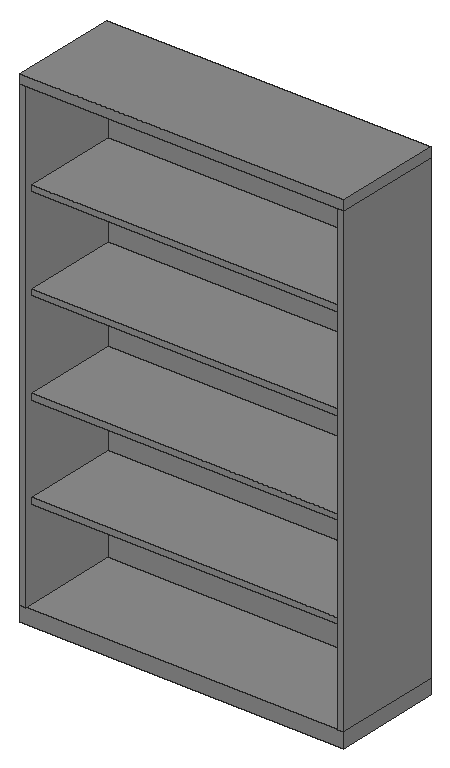
Revit family "Haworth_XSeries_Bookcase", category Furniture Systems, Revit 2018
Family settings
  Round Connector Dimension = Use Diameter
  Part Type = Normal
  OmniClass Number = 23.40.70.14.64.21
  OmniClass Title = Systems Furniture
  Work Plane-Based = No
  Always vertical = Yes
  Cut with Voids When Loaded = No
  Shared = No
  Room Calculation Point = No
Parameters (values of type "14d 42w 63h")
  Warranty = "http://www.haworth.com/resources/product-info/warranties"
  URL - Product = "https://www.haworth.com/na/en/products/active-storage/x-series.html"
  Sustainability Info = "https://www.haworth.com/na/en/expertise/sustainability.html"
  Model = "JBCS"  # constant formula
  Max # of Shelves = 4  # constant formula
  Width = 42"
  URL = "http://www.haworth.com/"
  Size = "Verify Final Dim. w/ Haworth"  # constant formula
  Single Shelf = # of Shelves < 2  # no
  Shelves = # of Shelves > 1  # yes
  Shelf Spacing = (Cabinet Height - 1 1/4" - 1 7/8") / (Actaul # of Shelves + 1)  # 12.075"
  Revision Number = "6"  # constant formula
  Min. Width = 29 7/8"  # constant formula
  Max. Width = 47 7/8"  # constant formula
  Min. Height = 27 1/2"  # constant formula
  Max. Height = 63 1/2"  # constant formula
  Manufacturer = "Haworth"  # constant formula
  Drawer Width = Actual Width - 1 1/2"  # 40 3/8"
  Drawer Depth = Actual Depth - 1 1/2"  # 12 1/2"
  Description = "Haworth XSeries Bookcase"  # constant formula
  Custom Size = not(or(Width = 30", Width = 36", Width = 42"))  # no
  Cabinet Height = if(# of Shelves < 2, 27 1/2", if(Actaul # of Shelves = 2, 39 1/2", if(Actaul # of Shelves = 3, 51 1/2", 63 1/2")))  # 63 1/2"
  Cabinet Finish [instance] = Haworth _ Paint _ Graphite
  Author = "Haworth (Hampton), SHAPE Environments, LLC"  # constant formula
  Assembly Code = "E2020200"
  Actual Width = if(Width < Min. Width, Min. Width, if(Width > Max. Width, Max. Width, Width - 1/8"))  # 41 7/8"
  Actual Height = Cabinet Height  # 63 1/2"
  Actual Depth = 14"  # constant formula
  Actaul # of Shelves = if(# of Shelves < 2, 2, if(# of Shelves > 4, 4, # of Shelves))  # 4
  Standard Widths = "30, 36, 42 in."  # constant formula
  # of Shelves = 4
Types (12): name | Width | Single Shelf | Shelves | Shelf Spacing | Drawer Width | Cabinet Height | Actual Width | Actual Height | Actaul # of Shelves | # of Shelves
  14d 36w 27h | 36" | yes | no | 8 1/8" | 34 3/8" | 27 1/2" | 35 7/8" | 27 1/2" | 2 | 1
  14d 36w 51h | 36" | no | yes | 12 3/32" | 34 3/8" | 51 1/2" | 35 7/8" | 51 1/2" | 3 | 3
  14d 36w 63h | 36" | no | yes | 12.075" | 34 3/8" | 63 1/2" | 35 7/8" | 63 1/2" | 4 | 4
  14d 30w 27h | 30" | yes | no | 8 1/8" | 28 3/8" | 27 1/2" | 29 7/8" | 27 1/2" | 2 | 1
  14d 30w 51h | 30" | no | yes | 12 3/32" | 28 3/8" | 51 1/2" | 29 7/8" | 51 1/2" | 3 | 3
  14d 30w 63h | 30" | no | yes | 12.075" | 28 3/8" | 63 1/2" | 29 7/8" | 63 1/2" | 4 | 4
  14d 42w 63h | 42" | no | yes | 12.075" | 40 3/8" | 63 1/2" | 41 7/8" | 63 1/2" | 4 | 4
  14d 42w 51h | 42" | no | yes | 12 3/32" | 40 3/8" | 51 1/2" | 41 7/8" | 51 1/2" | 3 | 3
  14d 42w 27h | 42" | yes | no | 8 1/8" | 40 3/8" | 27 1/2" | 41 7/8" | 27 1/2" | 2 | 1
  14d 30w 39h | 30" | no | yes | 12 1/8" | 28 3/8" | 39 1/2" | 29 7/8" | 39 1/2" | 2 | 2
  14d 36w 39h | 36" | no | yes | 12 1/8" | 34 3/8" | 39 1/2" | 35 7/8" | 39 1/2" | 2 | 2
  14d 42w 39h | 42" | no | yes | 12 1/8" | 40 3/8" | 39 1/2" | 41 7/8" | 39 1/2" | 2 | 2
Reference planes (in)
  plane 1 "Center F/B": y = 0
  plane 2: z = 0
  plane 3 "Center L/R": x = 0
  plane 4 "Left": x = -20.9375
  plane 5 "Right": x = 20.9375
  plane 6 "Back of Drawer": y = -13.25
  plane 7 "Front": y = -14
  plane 8 "Top": z = 63.5
  plane 9 "Bottom of Top": z = 62.25
  plane 10 "Bottom of Cabinet": z = 0
  plane 11 "feet back": y = -2
  plane 12 "feet front": y = -11.25
  plane 13 "Feet Right": x = 18.9375
  plane 14 "Feet Left": x = -18.9375
  plane 15 "Bottom Drawer": z = 1.875
  plane 16: x = -20.1875
  plane 17: x = 20.1875
Forms (in)
  Extrusion 1, solid, material "Haworth _ Paint _ Graphite" <- "Cabinet Finish"
    sketch origin (114.68227, -6.06265, 0) x (1, 0, 0) y (0, 1, 0)
      loop
        line (-135.61977, 6.06265) -> (-135.61977, -7.93735) -> (-134.86977, -7.93735) -> (-134.86977, 5.31265) -> (-94.49477, 5.31265) -> (-94.49477, -7.93735) -> (-93.74477, -7.93735) -> (-93.74477, 6.06265) -> (-135.61977, 6.06265)
    from 1.875 to 62.25
  Extrusion 2, solid, material "Haworth _ Paint _ Graphite" <- "Cabinet Finish"
    sketch origin (0, 0, 0) x (1, 0, 0) y (0, 1, 0)
      loop
        line (-20.9375, 0) -> (-20.9375, -14) -> (20.9375, -14) -> (20.9375, 0) -> (-20.9375, 0)
    from 62.25 to 63.5
  Extrusion 3, solid, material "Haworth _ Paint _ Graphite" <- "Cabinet Finish"
    sketch origin (0, 0, -18.75) x (1, 0, 0) y (0, 1, 0)
      loop
        line (-20.9375, 0) -> (-20.9375, -14) -> (20.9375, -14) -> (20.9375, 0) -> (-20.9375, 0)
    from 18.75 to 20.625
Lines and regions (in)
  Masking region 1
    outline origin (0, 0, 0) x (1, 0, 0) y (0, 1, 0)
      loop
        line (-20.9375, 0) -> (-20.9375, -14) -> (20.9375, -14) -> (20.9375, 0) -> (-20.9375, 0)
Dimensions and locks (in)
  locked: plane 6 "Back of Drawer" to plane 7 "Front" at 0.75
  "Actual Depth": plane 1 "Center F/B" to plane 7 "Front"
  "Actual Width": plane 4 "Left" to plane 5 "Right"
  locked: plane 8 "Top" to plane 9 "Bottom of Top" at 1.25
  equal spacing: group 1, group 3, group 4, group 2  (x3)
  equal spacing: plane 4 "Left", plane 3 "Center L/R", plane 5 "Right"
  locked: plane 13 "Feet Right" to plane 5 "Right" at 2
  locked: plane 4 "Left" to plane 14 "Feet Left" at 2
  locked: plane 12 "feet front" to plane 6 "Back of Drawer" at 2
  locked: plane 1 "Center F/B" to plane 11 "feet back" at 2
  locked: plane 15 "Bottom Drawer" to plane 10 "Bottom of Cabinet" at 1.875
  "Actual Height": plane 8 "Top" to level
  "Cabinet Height": plane 8 "Top" to plane 10 "Bottom of Cabinet"
  locked: plane 16 to plane 4 "Left" at 0.75
  locked: plane 5 "Right" to plane 17 at 0.75
  equal spacing: plane 9 "Bottom of Top", nested 3, plane 15 "Bottom Drawer"
  "Shelf Spacing": nested 1 to plane 15 "Bottom Drawer"
  "Shelf Spacing": plane 9 "Bottom of Top" to nested 2
  aligned and locked: plane 1 "Center F/B" to Extrusion 1 sketch curve
  aligned and locked: Extrusion 1 to plane 4 "Left"
  aligned and locked: Extrusion 1 to plane 5 "Right"
  aligned and locked: plane 9 "Bottom of Top" to Extrusion 1
  aligned and locked: plane 4 "Left" to Extrusion 2 sketch curve
  aligned and locked: plane 1 "Center F/B" to Extrusion 2 sketch curve
  aligned and locked: plane 5 "Right" to Extrusion 2 sketch curve
  aligned and locked: plane 7 "Front" to Extrusion 2 sketch curve
  aligned and locked: plane 8 "Top" to Extrusion 2
  aligned and locked: Extrusion 2 to plane 9 "Bottom of Top"
  aligned and locked: plane 3 "Center L/R" to nested 1
  aligned and locked: level to plane 2
  aligned and locked: plane 5 "Right" to Extrusion 1 sketch curve
  aligned and locked: plane 4 "Left" to Extrusion 1 sketch curve
  aligned and locked: Extrusion 1 sketch curve to plane 16
  aligned and locked: Extrusion 1 sketch curve to plane 17
  aligned and locked: Extrusion 1 to plane 15 "Bottom Drawer"
  aligned and locked: plane 10 "Bottom of Cabinet" to Extrusion 3
  aligned and locked: plane 15 "Bottom Drawer" to Extrusion 3
  aligned and locked: plane 4 "Left" to Extrusion 3 sketch curve
  aligned and locked: plane 5 "Right" to Extrusion 3 sketch curve
  aligned and locked: plane 1 "Center F/B" to Extrusion 3 sketch curve
  aligned and locked: Masking region 1 sketch curve to Extrusion 1
  aligned and locked: nested 2 to plane 6 "Back of Drawer"
  aligned and locked: nested 1 to plane 6 "Back of Drawer"
  aligned and locked: plane 3 "Center L/R" to nested 3
  aligned and locked: nested 3 to plane 6 "Back of Drawer"
  aligned and locked: Extrusion 3 to plane 7 "Front"
  aligned and locked: Masking region 1 to plane 7 "Front"
Automatic sketch dimensions
  plane 1 "Center F/B" to Extrusion 1 sketch curve = 3/4"
  Extrusion 1 sketch curve to plane 7 "Front" = 0"  (x2)
  Extrusion 3 sketch curve to plane 7 "Front" = 0"
  Masking region 1 sketch curve to plane 4 "Left" = 0"
  Masking region 1 sketch curve to plane 5 "Right" = 0"
  Masking region 1 sketch curve to plane 7 "Front" = 0"
Nested families (in)
  nested 1: "Haworth_Shelf" at (0, -12, 13.575), visible <- "Shelves", type "Shelf"
    with Drawer Width 40 3/8", Drawer Depth 12 1/2"
  nested 2: "Haworth_Shelf" at (0, -12, 49.8), visible <- "Shelves", type "Shelf"
    with Drawer Width 40 3/8", Drawer Depth 12 1/2"
  nested 3: "Haworth_Shelf" at (0, -12, 31.6875), visible <- "Single Shelf", type "Shelf"
    with Drawer Width 40 3/8", Drawer Depth 12 1/2"
  nested 4: "Haworth_Shelf" at (0, -12, 25.65), visible <- "Shelves", type "Shelf"
    with Drawer Width 40 3/8", Drawer Depth 12 1/2"
  nested 5: "Haworth_Shelf" at (0, -12, 37.725), visible <- "Shelves", type "Shelf"
    with Drawer Width 40 3/8", Drawer Depth 12 1/2"
Definition of nested family "Haworth_Shelf"
  Parameters
    Front Finish = none
    Drawer Width = 28 3/8"
    Drawer Depth = 12"
    Drawer Finish = none
    Assembly Code = ""
  Reference planes (in)
    plane 1 "Drawer Back": y = 11.25
    plane 2: z = 0
    plane 3 "Center L/R": x = 0
    plane 4 "Drawer Front": y = -0.75
    plane 5 "Left": x = -14.1875
    plane 6 "Right": x = 14.1875
    plane 7 "Top": z = 0.75
    plane 8 "Center Elevation": z = 0.375
  Forms (in)
    Extrusion 1, solid, material <- "Drawer Finish"
      sketch origin (-14.1875, 0, 2.25) x (0, 1, 0) y (0, 0, 1)
        loop
          line (11.25, -1.5) -> (-0.75, -1.5) -> (-0.75, -2.25) -> (11.25, -2.25) -> (11.25, -1.5)
      from 0 to 28.375
  Dimensions and locks (in)
    equal spacing: plane 5 "Left", plane 3 "Center L/R", plane 6 "Right"
    "Drawer Width": plane 5 "Left" to plane 6 "Right"
    "Drawer Depth": plane 1 "Drawer Back" to plane 4 "Drawer Front"
    plane 7 "Top" to level = 3/4"
    equal spacing: plane 7 "Top", plane 8 "Center Elevation", level
    aligned and locked: Extrusion 1 to plane 6 "Right"
    aligned and locked: plane 1 "Drawer Back" to Extrusion 1 sketch curve
    aligned and locked: plane 7 "Top" to Extrusion 1 sketch curve
    aligned and locked: level to Extrusion 1 sketch curve
    aligned and locked: Extrusion 1 sketch curve to plane 4 "Drawer Front"
